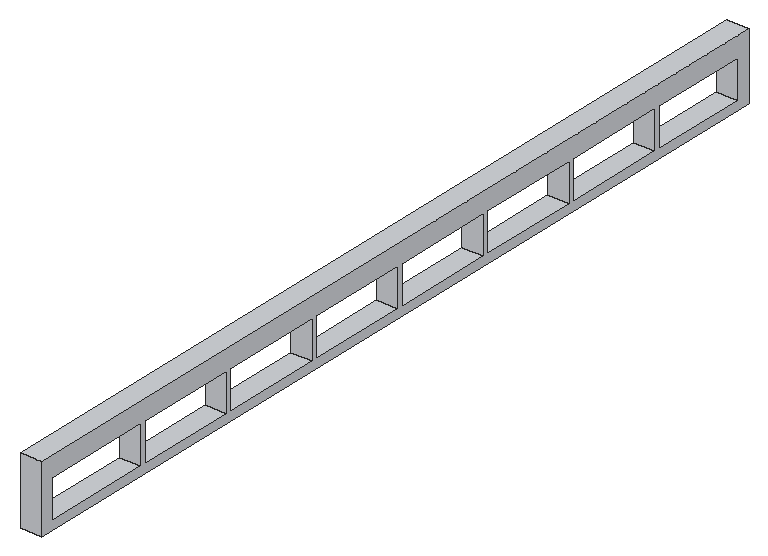
Revit family "Bloco_I_Treliça", category Structural Framing, Revit 2020
Family settings
  Structural Framing Length Roundoff = 0.000 m
  Section Shape = Not Defined
  Material for Model Behavior = Other
  Always export as geometry = No
  Work Plane-Based = No
  Always vertical = Yes
  Cut with Voids When Loaded = No
  Symbolic Representation = From Family
  Shared = No
  Show family pre-cut in plan views = Yes
Parameters
  Default Elevation = 0.000 m
Reference planes (m)
  plane 1 "Centro (Frente/Trás)": y = 0
  plane 2: z = 0
  plane 3 "Centro (Esquerda/Direita)": x = 0
  plane 4: y = 2.5
  plane 5: y = 2.5
  plane 6: y = 5
  plane 7: y = 7.5
Forms (m)
  Extrusion 1, solid
    sketch origin (0, -0.15, 0) x (0, -1, 0) y (0, 0, -1)
      loop
        line (10.3005, -1.57) -> (10.3005, 0) -> (-10.3245, 0) -> (-10.3245, -1.57) -> (10.3005, -1.57)
      loop
        line (-0.2, -1.1) -> (-0.2, -0.2) -> (-2.6, -0.2) -> (-2.6, -1.1) -> (-0.2, -1.1)
      loop
        line (-5.1, -1.1) -> (-2.7, -1.1) -> (-2.7, -0.2) -> (-5.1, -0.2) -> (-5.1, -1.1)
      loop
        line (-5.2, -1.1) -> (-5.2, -0.2) -> (-7.6, -0.2) -> (-7.6, -1.1) -> (-5.2, -1.1)
      loop
        line (-7.7, -1.1) -> (-7.7, -0.2) -> (-10.0245, -0.2) -> (-10.0245, -1.1) -> (-7.7, -1.1)
      loop
        line (-0.1, -1.1) -> (2.3, -1.1) -> (2.3, -0.2) -> (-0.1, -0.2) -> (-0.1, -1.1)
      loop
        line (4.8, -1.1) -> (4.8, -0.2) -> (2.4, -0.2) -> (2.4, -1.1) -> (4.8, -1.1)
      loop
        line (4.9, -1.1) -> (7.3, -1.1) -> (7.3, -0.2) -> (4.9, -0.2) -> (4.9, -1.1)
      loop
        line (7.4, -1.1) -> (10.0005, -1.1) -> (10.0005, -0.2) -> (7.4, -0.2) -> (7.4, -1.1)
    from 0 to 0.5
Dimensions and locks (m)
  Extrusion 1 to Extrusion 1 = 20.625 m
  plane 7 to plane 6 to plane 5 to plane 1 "Centro (Frente/Trás)" = 2.500 m, 2.500 m, 2.500 m
  plane 7 to plane 1 "Centro (Frente/Trás)" = 7.500 m
  aligned and locked: level to plane 2
  aligned and locked: Extrusion 1 to level
